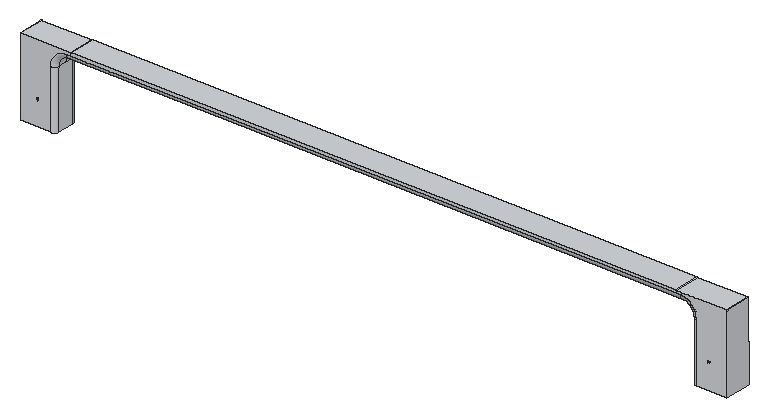
Revit family "Accessory-Towel_Bar-KOHLER-Strayt-K-37347IN_1", category Specialty Equipment, host Face, Revit 2017
Family settings
  Host = Face
  Round Connector Dimension = Use Diameter
  Part Type = Normal
  OmniClass Number = 23.31.25.25
  Cut with Voids When Loaded = No
  Shared = No
  Room Calculation Point = No
Parameters (values of type "CP-Polished Chrome")
  Width = 24 1/64"  # constant formula
  WaterSense Certified = 1 = 0  # no
  URL = "https://www.kohler.co.in/"
  Type = 1
  Product Page URL = "https://www.kohler.co.in/product-detail/37347in?skuid=K-37347IN-CP"
  Product Name = "Strayt"  # constant formula
  Product Documentation Link = ""
  Model = "K-37347IN-CP"  # constant formula
  Material = "Premium Metal Construction"  # constant formula
  Master Format 2014 Name = "Toilet, Bath, and Laundry Accessories"  # constant formula
  Master Format 2014 = "10 28 00"  # constant formula
  Manufacturer Address = "Ambience Office Tower NH-8 Gurgaon / Gurugram Haryana , 122001"  # constant formula
  Manufacturer = "KOHLER Co."  # constant formula
  Length = 2 51/64"  # constant formula
  Height = 0.94488"  # constant formula
  Finish = Kohler-Metal-CP-Polished_Chrome
  Environmental Product Declaration = ""
  Description = "610 mm single towel bar in polished chrome"  # constant formula
  Default Elevation = 42"
  Declare Label = ""
  Date Modified = "08/27/2020"  # constant formula
  Date Created = "08/27/2020"  # constant formula
  Copyright = "Copyright KOHLER Co."  # constant formula
  Contact Us = "https://www.kohler.co.in/contact-us"
  Assembly Code = "C1030200"
  ADA Compliant = 1 = 0  # no
Reference planes (in)
  plane 1 "Center (Front/Back)": y = 0
  plane 2: z = 0
  plane 3 "Center (Left/Right)": x = 0
  plane 4: y = 0.47244
  plane 5: y = -0.47244
  plane 6: x = -12.6378
  plane 7: x = 12.6378
  plane 8: x = -12.00787
  plane 9: x = 12.00775
  plane 10: x = 11.37795
  plane 11: x = -11.37795
  plane 12: z = 2.79687
  plane 13: z = 2.68503
  plane 14: z = 2.51967
  plane 15: x = 11.54331
  plane 16: x = -11.54331
  plane 17: x = 10.82673
  plane 18: x = -10.82673
Dimensions and locks (in)
  "Height": plane 4 to plane 5
  "Width": plane 8 to plane 9
  plane 7 to plane 10 = 1.25984"
  plane 6 to plane 11 = 1.25984"
  level to plane 14 = 2.51967"
  "Length": plane 12 to level
  locked: plane 6 to plane 7 at 25.27559
  aligned and locked: plane 2 to host face
  aligned and locked: level to host face
Automatic sketch dimensions
  host sketch curve to host sketch curve = 96"  (x2)
Nested families (in)
  nested 1: "K-37347IN" at (0, 0, 0), type "K-37347IN"
Definition of nested family "K-37347IN"
  Parameters (values of type "K-37347IN")
    Material = none
  Reference planes (in)
    plane 1 "Center (Front/Back)": y = 0
    plane 2: z = 0
    plane 3 "Center (Left/Right)": x = 0
    plane 4: x = 12.00787
    plane 5: x = 12.6378
    plane 6: x = 11.37795
    plane 7: z = -0.43308
    plane 8: x = -12.00787
    plane 9: x = -12.6378
    plane 10: x = -11.37795
    plane 11: y = 0.47244
    plane 12: y = -0.47244
    plane 13: x = -10.82673
    plane 14: x = 10.82673
    plane 15: x = 11.54331
    plane 16: x = -11.54331
    plane 17: z = 2.79526
    plane 18: z = 2.68503
    plane 19: z = 2.51967
  Forms (in)
    Sweep 1, solid, material <- "Material", detail levels medium+fine
      path origin (0, 0, -2.79529) x (1, 0, 0) y (0, 0, 1)
        loop
          line (-11.37795, 2.79529) -> (-11.37795, 4.90945)
          arc (-11.37795, 4.90945) -> (-11.25918, 5.19619) -> (-10.97244, 5.31496) r 0.40551
          line (-10.97244, 5.31496) -> (10.97244, 5.31496)
          arc (10.97244, 5.31496) -> (11.25918, 5.19619) -> (11.37795, 4.90945) r 0.40551
          line (11.37795, 4.90945) -> (11.37795, 2.79529)
      profile origin (0, 0, 2.51967) x (0, 0, 1) y (0, -1, 0)
        loop
          arc (0, -0.30709) -> (0.04843, -0.42401) -> (0.16535, -0.47244) r 0.16535
          line (0.16535, -0.47244) -> (0.16535, 0.47244)
          arc (0.16535, 0.47244) -> (0.04843, 0.42401) -> (0, 0.30709) r 0.16535
          line (0, 0.30709) -> (0, 0) -> (0, -0.30709)
    Extrusion 2, solid, material <- "Material", detail levels medium+fine
      sketch origin (0, 0, -2.79529) x (1, 0, 0) y (0, 0, 1)
        loop
          arc (-11.54331, 4.90945) -> (-11.3761, 5.31311) -> (-10.97244, 5.48031) r 0.57087
          line (-10.97244, 5.48031) -> (10.97244, 5.48031)
          arc (10.97244, 5.48031) -> (11.3761, 5.31311) -> (11.54331, 4.90945) r 0.57087
          line (11.54331, 4.90945) -> (11.54331, 2.79529) -> (12.6378, 2.79529) -> (12.6378, 5.56299)
          arc (12.6378, 5.56299) -> (12.62972, 5.58248) -> (12.61024, 5.59055) r 0.02756
          line (12.61024, 5.59055) -> (-12.61024, 5.59055)
          arc (-12.61024, 5.59055) -> (-12.62972, 5.58248) -> (-12.6378, 5.56299) r 0.02756
          line (-12.6378, 5.56299) -> (-12.6378, 2.79529) -> (-11.54331, 2.79529) -> (-11.54331, 4.90945)
      from -0.47244 to 0.47244
    Extrusion 3, void
      sketch origin (0, 0, 0) x (1, 0, 0) y (0, 0, 1)
        loop
          line (-11.95866, 0.93392) -> (-12.00788, 0.96234) -> (-12.05709, 0.93392) -> (-12.05709, 0.8771) -> (-12.00788, 0.84869) -> (-11.95866, 0.8771) -> (-11.95866, 0.93392)
      from 0.45381 to 0.49218
    Extrusion 4, void
      sketch origin (24.0166, 0, 0) x (1, 0, 0) y (0, 0, 1)
        loop
          line (-11.95866, 0.93392) -> (-12.00788, 0.96234) -> (-12.05709, 0.93392) -> (-12.05709, 0.8771) -> (-12.00788, 0.84869) -> (-11.95866, 0.8771) -> (-11.95866, 0.93392)
      from 0.45381 to 0.49218
    Extrusion 5, solid, material <- "Material", detail levels coarse
      sketch origin (0, 0, 0) x (1, 0, 0) y (0, 0, 1)
        loop
          line (-11.37795, 0) -> (-11.37795, 2.041) -> (-10.93794, 2.481) -> (10.86026, 2.481) -> (11.3628, 2.05932) -> (11.3628, 0) -> (12.6378, 0) -> (12.6378, 2.79526) -> (-12.6378, 2.79526) -> (-12.6378, 0) -> (-11.37795, 0)
      from -0.47244 to 0.47244
    Sweep 6, void
      path origin (0, 0, 0) x (1, 0, 0) y (0, 1, 0)
        loop
          line (-10.82802, 0.47244) -> (-10.82802, -0.47244)
      profile origin (-10.82802, 0, 0) x (1, 0, 0) y (0, 0, 1)
        loop
          line (0, 2.76783) -> (0.0164, 2.79624) -> (-0.0164, 2.79624) -> (0, 2.76783)
    Sweep 7, void
      path origin (0, 0, 0) x (-1, 0, 0) y (0, 1, 0)
        loop
          line (-10.82802, 0.47244) -> (-10.82802, -0.47244)
      profile origin (10.82802, 0, 0) x (1, 0, 0) y (0, 0, 1)
        loop
          line (0, 2.76783) -> (0.0164, 2.79624) -> (-0.0164, 2.79624) -> (0, 2.76783)
  Cuts and joins
    Extrusion 4, Sweep 7 cuts Sweep 1
    Extrusion 3, Extrusion 4, Sweep 6, Sweep 7 cuts Extrusion 2
    joined: Sweep 1, Extrusion 2
  Lines and regions (in)
    Masking region 1
      outline origin (0, 0, 0) x (1, 0, 0) y (0, 1, 0)
        loop
          line (-12.6378, 0.44488) -> (-12.6378, -0.44488)
          arc (-12.6378, -0.44488) -> (-12.62972, -0.46437) -> (-12.61024, -0.47244) r 0.02756
          line (-12.61024, -0.47244) -> (12.61024, -0.47244)
          arc (12.61024, -0.47244) -> (12.62972, -0.46437) -> (12.6378, -0.44488) r 0.02756
          line (12.6378, -0.44488) -> (12.6378, 0.44488)
          arc (12.6378, 0.44488) -> (12.62972, 0.46437) -> (12.61024, 0.47244) r 0.02756
          line (12.61024, 0.47244) -> (-12.61024, 0.47244)
          arc (-12.61024, 0.47244) -> (-12.62972, 0.46437) -> (-12.6378, 0.44488) r 0.02756
    Masking region 2
      outline origin (0, 0, -2.79529) x (1, 0, 0) y (0, 0, 1)
        loop
          line (12.61024, 5.59055) -> (-12.61024, 5.59055)
          arc (-12.61024, 5.59055) -> (-12.62972, 5.58248) -> (-12.6378, 5.56299) r 0.02756
          line (-12.6378, 5.56299) -> (-12.6378, 2.79529) -> (-11.37795, 2.79529) -> (-11.37795, 4.90945)
          arc (-11.37795, 4.90945) -> (-11.25918, 5.19619) -> (-10.97244, 5.31496) r 0.40551
          line (-10.97244, 5.31496) -> (10.97244, 5.31496)
          arc (10.97244, 5.31496) -> (11.25918, 5.19619) -> (11.37795, 4.90945) r 0.40551
          line (11.37795, 4.90945) -> (11.37795, 2.79529) -> (12.6378, 2.79529) -> (12.6378, 5.56299)
          arc (12.6378, 5.56299) -> (12.62972, 5.58248) -> (12.61024, 5.59055) r 0.02756
    Masking region 3
      outline origin (0, 0, -2.79529) x (0, 1, 0) y (0, 0, 1)
        loop
          line (0.44488, 5.59055) -> (-0.44488, 5.59055)
          arc (-0.44488, 5.59055) -> (-0.46437, 5.58248) -> (-0.47244, 5.56299) r 0.02756
          line (-0.47244, 5.56299) -> (-0.47244, 2.79529) -> (0.47244, 2.79529) -> (0.47244, 5.56299)
          arc (0.47244, 5.56299) -> (0.46437, 5.58248) -> (0.44488, 5.59055) r 0.02756
    symbolic lines, detail levels medium+fine
      curve 1: line (11.54331, 0, 2.11416) -> (11.54331, 0, 0)
      curve 2: line (10.97244, 0, 2.68503) -> (-10.97244, 0, 2.68503)
      curve 3: arc (10.97244, 0, 2.68503) -> (11.3761, 0, 2.51782) -> (11.54331, 0, 2.11416) r 0.57087
      curve 4: line (-11.54331, 0, 2.11416) -> (-11.54331, 0, 0)
      curve 5: arc (-10.97244, 0, 2.68503) -> (-11.3761, 0, 2.51782) -> (-11.54331, 0, 2.11416) r 0.57087
      curve 6: line (-10.82687, 0.47244, 0) -> (-10.82687, -0.47244, 0)
      curve 7: line (10.82687, 0.47244, 0) -> (10.82687, -0.47244, 0)
      curve 8: line (-10.82673, 0, 2.51967) -> (-10.82673, 0, 2.79526)
      curve 9: line (10.82673, 0, 2.51967) -> (10.82673, 0, 2.79526)
  Dimensions and locks (in)
    plane 8 to plane 4 = 24.01575"
    locked: plane 11 to plane 12 at 0.94488
    aligned and locked: plane 2 to level
